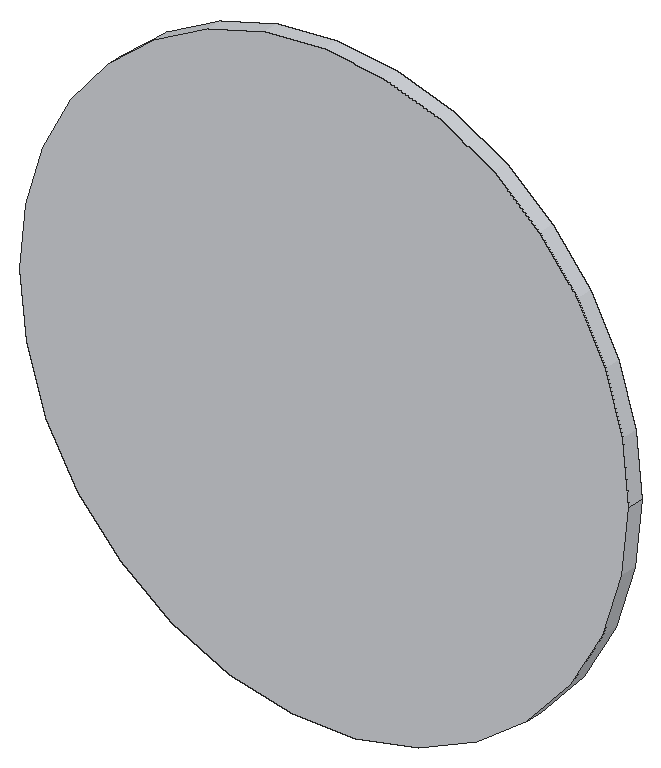
Revit family
Parameters
  Sign Thickness = 2 mm
  Sign Radius = 37.5 mm
  Height = 1500 mm
Reference planes
  plane 1 "Center (Front/Back)": y = -198
  plane 2: z = 0
  plane 3 "Center (Left/Right)": x = 0
  plane 4: z = 1500
  plane 5: y = -196
Forms (mm)
  Extrusion 1, solid
    sketch origin (0, -198, 0) x (1, 0, 0) y (0, 0, 1)
      loop
        circle (0, 1500) r 37.5
    from 0 to -2
Lines and regions (mm)
  model lines, style "Signage"
    curve 1: arc (-13.395, -198, 1517.145) -> (-9.198, -198, 1512.947) -> (-5, -198, 1517.145) r 4.197
    curve 2: arc (-5, -198, 1517.145) -> (-9.198, -198, 1521.342) -> (-13.395, -198, 1517.145) r 4.197
    curve 3: line (-6.82, -198, 1513.686) -> (-3.795, -198, 1502.04)
    curve 4: line (-11.447, -198, 1513.601) -> (-5.51, -198, 1490.745)
    curve 5: line (-3.795, -198, 1502.04) -> (8.172, -198, 1502.04)
    curve 6: line (-2.626, -198, 1497.54) -> (9.341, -198, 1497.54)
    curve 7: line (8.172, -198, 1502.04) -> (9.341, -198, 1497.54)
    curve 8: line (-1.721, -198, 1494.056) -> (-2.626, -198, 1497.54)
    curve 9: line (-5.51, -198, 1490.745) -> (8.006, -198, 1490.745)
    curve 10: line (11.279, -198, 1494.056) -> (-1.721, -198, 1494.056)
    curve 11: line (15.039, -198, 1479.579) -> (11.279, -198, 1494.056)
    curve 12: line (8.006, -198, 1490.745) -> (12.298, -198, 1474.22)
    curve 13: line (21.277, -198, 1481.194) -> (15.039, -198, 1479.579)
    curve 14: line (22.29, -198, 1476.808) -> (21.277, -198, 1481.194)
    curve 15: line (12.298, -198, 1474.22) -> (22.29, -198, 1476.808)
    curve 16: arc (-11.177, -198, 1501.474) -> (-16.604, -198, 1480.182) -> (5.367, -198, 1480.496) r 13.837
    curve 17: line (4.263, -198, 1484.749) -> (5.367, -198, 1480.496)
    curve 18: arc (-11.177, -198, 1498.049) -> (-12.769, -198, 1480.589) -> (4.263, -198, 1484.749) r 10.772
    curve 19: line (-11.177, -198, 1501.474) -> (-11.177, -198, 1498.049)
  symbolic lines, style "2D Signage Placement Lines"
    curve 20: line (-150, -196, 0) -> (150, -196, 0)
    curve 21: line (0, -196, 0) -> (0, -346, 0)
Dimensions and locks
  "Height": plane 4 to level
  "Sign Thickness": plane 1 "Center (Front/Back)" to Extrusion 1
  "Sign Radius": radius of Extrusion 1 sketch curve
  aligned and locked: plane 1 "Center (Front/Back)" to Extrusion 1
  aligned and locked: plane 5 to Extrusion 1
Automatic sketch dimensions
  Extrusion 1 sketch curve to plane 3 "Center (Left/Right)" = 0 mm
  Extrusion 1 sketch curve to plane 4 = 0 mm
  curve 16 to curve 18 = 0 mm  (x2)
  curve 2 to plane 3 "Center (Left/Right)" = 13.395 mm
  curve 1 to curve 4 = 1.949 mm
  curve 19 to plane 4 = 1.474 mm
  curve 3 to curve 1 = 1.819 mm
  curve 4 to plane 3 "Center (Left/Right)" = 5.51 mm
  curve 16 to curve 4 = 0.228 mm
  curve 3 to plane 3 "Center (Left/Right)" = 3.795 mm
  curve 6 to plane 3 "Center (Left/Right)" = 2.626 mm
  curve 10 to plane 3 "Center (Left/Right)" = 1.721 mm
  plane 3 "Center (Left/Right)" to curve 18 = 4.263 mm
  curve 17 to curve 17 = 1.105 mm
  curve 17 to curve 9 = 3.744 mm
  curve 5 to plane 4 = 2.04 mm
  plane 3 "Center (Left/Right)" to curve 5 = 8.172 mm
  plane 4 to curve 7 = 2.46 mm
  curve 5 to curve 7 = 1.169 mm
  curve 6 to curve 11 = 1.938 mm
  curve 17 to curve 12 = 6.931 mm
  curve 12 to curve 13 = 2.741 mm
  curve 11 to curve 14 = 6.238 mm
  curve 13 to curve 14 = 1.013 mm
  curve 10 to curve 6 = 3.484 mm
  curve 9 to curve 10 = 3.31 mm
  curve 18 to curve 4 = 1.995 mm
  curve 18 to curve 9 = 5.996 mm
  curve 13 to curve 10 = 12.861 mm
  curve 16 to curve 17 = 4.253 mm
  curve 13 to curve 13 = 1.616 mm
  curve 14 to curve 13 = 4.386 mm
  curve 15 to curve 11 = 5.359 mm
  curve 16 to curve 4 = 12.126 mm
  curve 4 to curve 3 = 0.085 mm
  curve 20 to plane 5 = 0 mm
  curve 21 to plane 3 "Center (Left/Right)" = 0 mm
  curve 20 to curve 21 = 150 mm
  plane 3 "Center (Left/Right)" to curve 20 = 150 mm
  plane 1 "Center (Front/Back)" to curve 21 = 148 mm
